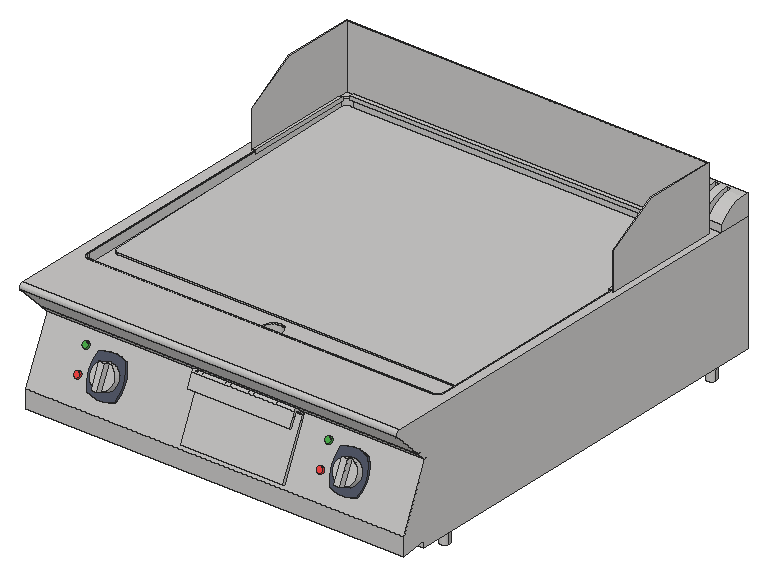
Revit family "QF_ELECTROLUXPROFESSIONAL_391073_E9FTEHCS00", category Specialty Equipment, Revit 2018
Family settings
  Round Connector Dimension = Use Diameter
  Part Type = Normal
  Work Plane-Based = No
  Always vertical = Yes
  Cut with Voids When Loaded = No
  Shared = No
  Room Calculation Point = No
Parameters
  Width = 800 mm  # constant formula
  Weight in Pounds = 105  # constant formula
  Watts = 15000 VA  # 15000 W
  Volts = 400 V  # constant formula
  URL Cutsheet = "www.electrolux.com"
  URL = "www.electrolux.com"
  Type Mark [instance] = ""
  Status [instance] = ""
  Specification by User [instance] = ""
  Specification by Manufacturer = ""
  Show Logo [instance] = yes
  Show Clearance [instance] = yes
  Serial Number = ""
  Seismic Rating = ""
  SMACNA No = ""
  Revision Code [instance] = ""
  Phase = 3
  Omniclass Number and Title = ""
  Number of Poles [instance] = 1
  NAFEM Spec ID Number = ""
  Model = "391073"
  Min Ckt Ampacity = 0 A
  Max Overcurrent Protection = 0 A
  Masterspec = ""
  Manufacturer = "ELECTROLUX"
  Item Number [instance] = ""
  Installed By [instance] = ""
  Identify Quantity as Lot [instance] = yes
  HP = "20.1 HP"
  Furnished By [instance] = ""
  Foodservice Equipment Identifier [instance] = yes
  FL Amps = if(Phase = 3, Watts / (Volts * 1.73), Watts / Volts)  # 21.6763 A
  Electrical Remarks [instance] = "400 V/3N ph/50/60 Hz"  # constant formula
  Electric Connection Type [instance] = ""
  Elec Conn RI Height [instance] = 0 mm
  Elec Conn Connection Height [instance] = 0 mm
  Direct Waste Size = 0"
  Description = "900XP FULL MODULE ELECTRIC FRY TOP, SMOOTH SLOPED PLATE, CHROMIUM PLATED - 400 V"
  Depth = 930 mm  # constant formula
  Cycle [instance] = if([60 Hertz Option], 60 Hz, 50 Hz)  # 60 Hz
  Conn Plug = ""
  Conn Conduit = yes
  CSI MasterFormat = ""
  CSI Master Format = ""
  Apparent Power = if(Phase = 3, Volts * FL Amps * 1.73, Volts * FL Amps)  # 15000 VA
  60 Hertz Option [instance] = not([50 Hertz Option])  # yes
  50 Hertz Option [instance] = no
Reference planes
  plane 1 "BACK": y = 0
  plane 2: z = 0
  plane 3 "LEFT": x = 0
  plane 4 "RIGHT": x = 800
  plane 5 "FRONT": y = -930
  plane 6 "TOP": z = 275
  plane 7 "Center Y": x = 400
  plane 8 "Center X": y = -465
  plane 9: y = -1045
  plane 10: z = 24
  plane 11: z = 290
  plane 12: z = 410
  plane 13: x = 11
  plane 14: x = 789
  plane 15: x = 740
Forms (mm)
  Extrusion 1, solid, material "QF_Finishes_Stainless Steel"
    sketch origin (0, 0, 0) x (0, 1, 0) y (0, 0, 1)
      loop
        line (0, 275) -> (-922.686, 275)
        arc (-922.686, 275) -> (-929.443, 270.485) -> (-927.858, 262.514) r 7.314
        line (-927.858, 262.514) -> (-873.907, 208.563) -> (-865.773, 208.563) -> (-865.773, 206.447) -> (-871.79, 206.447) -> (-858.907, 193.563) -> (-850.773, 193.563) -> (-850.773, 191.447) -> (-856.79, 191.447) -> (-913.146, 69.003) -> (-913.146, 30.903) -> (-859.774, 36.513) -> (-859.774, 24) -> (0, 24) -> (0, 275)
    from 0 to 800
  Extrusion 2, solid, material "QF_Finishes_Stainless Steel"
    sketch origin (0, 0, 0) x (1, 0, 0) y (0, 1, 0)
      loop
        circle (11, -82) r 9.525
      loop
        circle (11, -790) r 9.525
      loop
        circle (789, -82) r 9.525
      loop
        circle (789, -790) r 9.525
    from 0 to 24
  Extrusion 3, solid, material "QF_Finishes_Stainless Steel"
    sketch origin (635, 190.152, 275) x (0, -1, 0) y (1, 0, 0)
      loop
        line (273.542, 147.97) -> (273.542, -617.97) -> (275.13, -617.97) -> (275.13, 147.97) -> (273.542, 147.97)
    from 0 to 135
  Extrusion 4, void
    sketch origin (0, 0, 275) x (0, -1, 0) y (1, 0, 0)
      loop
        arc (92.539, 37.03) -> (96.932, 26.423) -> (107.539, 22.03) r 15
        line (107.539, 22.03) -> (777.539, 22.03)
        arc (777.539, 22.03) -> (788.145, 26.423) -> (792.539, 37.03) r 15
        line (792.539, 37.03) -> (792.539, 762.97)
        arc (792.539, 762.97) -> (788.145, 773.577) -> (777.539, 777.97) r 15
        line (777.539, 777.97) -> (107.539, 777.97)
        arc (107.539, 777.97) -> (96.932, 773.577) -> (92.539, 762.97) r 15
        line (92.539, 762.97) -> (92.539, 37.03)
    from 0 to -21.588
  Sweep 5, solid, material "QF_Finishes_Stainless Steel"
    path origin (0, 0, 0) x (1, 0, 0) y (0, 1, 0)
      loop
        line (22.03, -107.539) -> (22.03, -777.539)
        arc (22.03, -777.539) -> (26.423, -788.145) -> (37.03, -792.539) r 15
        line (37.03, -792.539) -> (762.97, -792.539)
        arc (762.97, -792.539) -> (773.577, -788.145) -> (777.97, -777.539) r 15
        line (777.97, -777.539) -> (777.97, -107.539)
        arc (777.97, -107.539) -> (773.577, -96.932) -> (762.97, -92.539) r 15
        line (762.97, -92.539) -> (37.03, -92.539)
        arc (37.03, -92.539) -> (26.423, -96.932) -> (22.03, -107.539) r 15
    profile origin (22.03, -442.539, 0) x (1, 0, 0) y (0, 0, 1)
      loop
        line (0, 255) -> (1.588, 255) -> (1.588, 272.855)
        arc (1.588, 272.855) -> (1.147, 274.189) -> (0, 275) r 2.242
        line (0, 275) -> (0, 255)
  Extrusion 6, solid, material "QF_Finishes_Stainless Steel"
    sketch origin (0, 0, 0) x (1, 0, 0) y (0, 0, 1)
      loop
        line (17.03, 275.856) -> (23.926, 275.856) -> (23.926, 270.856) -> (25.514, 270.856) -> (25.514, 277.444) -> (17.03, 277.444) -> (17.03, 275.856)
      loop
        line (782.97, 275.856) -> (782.97, 277.444) -> (774.486, 277.444) -> (774.486, 270.856) -> (776.074, 270.856) -> (776.074, 275.856) -> (782.97, 275.856)
    from 105.541 to 335.39
  Extrusion 7, solid, material "QF_Finishes_Stainless Steel"
    sketch origin (0, 0, 0) x (0, 1, 0) y (0, 0, 1)
      loop
        line (-94.126, 270.856) -> (-94.126, 275.856) -> (-84.978, 275.856) -> (-84.978, 277.444) -> (-95.714, 277.444) -> (-95.714, 270.856) -> (-94.126, 270.856)
    from 32.03 to 767.97
  Extrusion 8, solid, material "QF_Finishes_Stainless Steel"
    sketch origin (0, -101.6, 24) x (-1, 0, 0) y (0, 1, 0)
      loop
        circle (-740, -482.4) r 6.35
    from 0 to 5
  Extrusion 9, solid, material "QF_Clearances", visible <- "Show Clearance", detail levels coarse
    sketch origin (0, 0, 0) x (1, 0, 0) y (0, 1, 0)
      loop
        line (0, 0) -> (800, 0) -> (800, -930) -> (900, -930) -> (900, 100) -> (-100, 100) -> (-100, -930) -> (0, -930) -> (0, 0)
    from 0 to 410
  Extrusion 10, solid, material "QF_Finishes_Stainless Steel"
    sketch origin (0, 0, 0) x (0, 1, 0) y (0, 0, 1)
      loop
        line (-792.539, 255) -> (-792.539, 253.413) -> (-92.539, 253.413) -> (-92.539, 255) -> (-792.539, 255)
    from 22.03 to 777.97
  Extrusion 11, solid, material "QF_Finishes_Stainless Steel"
    sketch origin (445, 0, 0) x (0, 1, 0) y (0, 0, 1)
      loop
        line (-858.205, 188.372) -> (-874.612, 204.778)
        arc (-874.612, 204.778) -> (-879.079, 206.181) -> (-882.783, 203.316) r 5.058
        line (-882.783, 203.316) -> (-895.445, 175.806) -> (-892.561, 174.479) -> (-879.899, 201.989)
        arc (-879.899, 201.989) -> (-878.52, 203.055) -> (-876.857, 202.533) r 1.883
        line (-876.857, 202.533) -> (-862.014, 187.69) -> (-912.848, 77.245) -> (-909.964, 75.918) -> (-858.205, 188.372)
    from -117.029 to 100
  Extrusion 12, solid, material "QF_Door-Drawer Clearances", visible <- "Show Clearance", detail levels coarse
    sketch origin (445, 0, 0) x (0, 1, 0) y (0, 0, 1)
      loop
        line (-1024.713, 174.479) -> (-1012.051, 201.989)
        arc (-1012.051, 201.989) -> (-1010.672, 203.055) -> (-1009.009, 202.533) r 1.883
        line (-1009.009, 202.533) -> (-994.166, 187.69) -> (-1045, 77.245) -> (-1042.116, 75.918) -> (-909.964, 75.918) -> (-858.205, 188.372) -> (-874.612, 204.778)
        arc (-874.612, 204.778) -> (-875.847, 205.685) -> (-877.298, 206.181) r 5.058
        line (-877.298, 206.181) -> (-1011.231, 206.181)
        arc (-1011.231, 206.181) -> (-1013.435, 205.203) -> (-1014.935, 203.316) r 5.058
        line (-1014.935, 203.316) -> (-1027.597, 175.806) -> (-1024.713, 174.479)
    from -117.029 to 100
  Extrusion 13, void
    sketch origin (328.121, 0, 0) x (1, 0, 0) y (0, 1, 0)
      loop
        circle (71.879, -758.736) r 20
    from 235.859 to 256.719
  Extrusion 14, solid, material "QF_Finishes_Stainless Steel"
    sketch origin (0, 0, 0) x (0, 1, 0) y (0, 0, 1)
      loop
        line (-83.39, 410) -> (-235.39, 410) -> (-335.39, 352.265) -> (-335.39, 275) -> (-83.39, 275) -> (-83.39, 410)
    from 15.442 to 17.03
  Extrusion 15, solid, material "QF_Finishes_Navy Blue"
    sketch origin (302.956, -912.449, 70.59) x (0, 0.419232, 0.907879) y (-1, 0, 0)
      loop
        arc (102.26, -332.62) -> (66.843, -325.139) -> (31.333, -332.16) r 90.355
        arc (31.333, -332.16) -> (24.504, -361.269) -> (31.333, -390.378) r 65.456
        arc (31.333, -390.378) -> (66.877, -399.452) -> (102.26, -389.765) r 71.728
        arc (102.26, -389.765) -> (108.852, -361.193) -> (102.26, -332.62) r 65.22
    from 0 to 3.175
  Extrusion 16, solid, material "QF_Finishes_Stainless Steel"
    sketch origin (504.206, -916.163, 70.121) x (0, 0.419232, 0.907879) y (-1, 0, 0)
      loop
        circle (68.826, -160.963) r 25.4
    from 0 to 12.7
  Extrusion 17, solid, material "QF_Finishes_Stainless Steel"
    sketch origin (504.206, -927.693, 75.445) x (0, 0.419232, 0.907879) y (-1, 0, 0)
      loop
        arc (93.558, -166.749) -> (94.226, -160.963) -> (93.558, -155.177) r 25.4
        line (93.558, -155.177) -> (44.094, -155.177)
        arc (44.094, -155.177) -> (43.426, -160.963) -> (44.094, -166.749) r 25.4
        line (44.094, -166.749) -> (93.558, -166.749)
    from 0 to 12.7
  Extrusion 18, solid, material "QF_Finishes_Green"
    sketch origin (316.698, -908.494, 79.155) x (0, 0.419232, 0.907879) y (-1, 0, 0)
      loop
        circle (94.749, -290.848) r 6.35
    from 0 to 3.175
  Extrusion 19, solid, material "QF_Finishes_Red"
    sketch origin (316.698, -930.457, 31.593) x (0, 0.419232, 0.907879) y (-1, 0, 0)
      loop
        circle (95.112, -290.848) r 6.35
    from 0 to 3.175
  Extrusion 20, solid, material "QF_Finishes_Stainless Steel"
    sketch origin (800, 0, 0) x (0, 1, 0) y (0, 0, -1)
      loop
        line (-83.39, -410) -> (-83.39, -275) -> (-335.39, -275) -> (-335.39, -352.265) -> (-235.39, -410) -> (-83.39, -410)
    from 15.442 to 17.03
  Extrusion 21, solid, material "QF_Finishes_Navy Blue"
    sketch origin (-212.044, -912.449, 70.59) x (0, 0.419232, 0.907879) y (-1, 0, 0)
      loop
        arc (102.26, -332.62) -> (66.843, -325.139) -> (31.333, -332.16) r 90.355
        arc (31.333, -332.16) -> (24.504, -361.269) -> (31.333, -390.378) r 65.456
        arc (31.333, -390.378) -> (66.877, -399.452) -> (102.26, -389.765) r 71.728
        arc (102.26, -389.765) -> (108.852, -361.193) -> (102.26, -332.62) r 65.22
    from 0 to 3.175
  Extrusion 22, solid, material "QF_Finishes_Stainless Steel"
    sketch origin (-10.794, -916.163, 70.121) x (0, 0.419232, 0.907879) y (-1, 0, 0)
      loop
        circle (68.826, -160.963) r 25.4
    from 0 to 12.7
  Extrusion 23, solid, material "QF_Finishes_Stainless Steel"
    sketch origin (-10.794, -927.693, 75.445) x (0, 0.419232, 0.907879) y (-1, 0, 0)
      loop
        arc (93.558, -166.749) -> (94.226, -160.963) -> (93.558, -155.177) r 25.4
        line (93.558, -155.177) -> (44.094, -155.177)
        arc (44.094, -155.177) -> (43.426, -160.963) -> (44.094, -166.749) r 25.4
        line (44.094, -166.749) -> (93.558, -166.749)
    from 0 to 12.7
  Extrusion 24, solid, material "QF_Finishes_Green"
    sketch origin (-198.302, -908.494, 79.155) x (0, 0.419232, 0.907879) y (-1, 0, 0)
      loop
        circle (94.749, -290.848) r 6.35
    from 0 to 3.175
  Extrusion 25, solid, material "QF_Finishes_Red"
    sketch origin (-198.302, -930.457, 31.593) x (0, 0.419232, 0.907879) y (-1, 0, 0)
      loop
        circle (95.112, -290.848) r 6.35
    from 0 to 3.175
  Extrusion 26, solid, material "QF_Finishes_Stainless Steel"
    sketch origin (0, 0, -10.038) x (0, 1, 0) y (0, 0, 1)
      loop
        line (0, 285.038) -> (0, 331.738)
        arc (0, 331.738) -> (-38.857, 324.552) -> (-69.85, 300.038) r 82.056
        line (-69.85, 300.038) -> (-69.85, 285.038) -> (0, 285.038)
    from 0 to 400
  Extrusion 27, void
    sketch origin (0, 0, 264.6) x (0, -1, 0) y (1, 0, 0)
      loop
        line (6.761, 29.703) -> (63.911, 29.703) -> (63.911, 38.999) -> (6.761, 38.999) -> (6.761, 29.703)
      loop
        line (63.911, 64.487) -> (6.761, 64.487) -> (6.761, 55.191) -> (63.911, 55.191) -> (63.911, 64.487)
      loop
        line (63.911, 89.975) -> (6.761, 89.975) -> (6.761, 80.68) -> (63.911, 80.68) -> (63.911, 89.975)
      loop
        line (63.911, 115.464) -> (6.761, 115.464) -> (6.761, 106.168) -> (63.911, 106.168) -> (63.911, 115.464)
      loop
        line (63.911, 140.952) -> (6.761, 140.952) -> (6.761, 131.656) -> (63.911, 131.656) -> (63.911, 140.952)
      loop
        line (63.911, 166.44) -> (6.761, 166.44) -> (6.761, 157.145) -> (63.911, 157.145) -> (63.911, 166.44)
      loop
        line (63.911, 191.929) -> (6.761, 191.929) -> (6.761, 182.633) -> (63.911, 182.633) -> (63.911, 191.929)
      loop
        line (63.911, 217.417) -> (6.761, 217.417) -> (6.761, 208.121) -> (63.911, 208.121) -> (63.911, 217.417)
      loop
        line (63.911, 242.905) -> (6.761, 242.905) -> (6.761, 233.61) -> (63.911, 233.61) -> (63.911, 242.905)
      loop
        line (63.911, 268.394) -> (6.761, 268.394) -> (6.761, 259.098) -> (63.911, 259.098) -> (63.911, 268.394)
      loop
        line (63.911, 293.882) -> (6.761, 293.882) -> (6.761, 284.586) -> (63.911, 284.586) -> (63.911, 293.882)
      loop
        line (63.911, 319.37) -> (6.761, 319.37) -> (6.761, 310.075) -> (63.911, 310.075) -> (63.911, 319.37)
      loop
        line (63.911, 344.859) -> (6.761, 344.859) -> (6.761, 335.563) -> (63.911, 335.563) -> (63.911, 344.859)
      loop
        line (63.911, 370.347) -> (6.761, 370.347) -> (6.761, 361.051) -> (63.911, 361.051) -> (63.911, 370.347)
    from 25.4 to 63.5
  Extrusion 28, solid, material "QF_Finishes_Stainless Steel"
    sketch origin (800, 0, -10.038) x (0, 1, 0) y (0, 0, -1)
      loop
        line (0, -285.038) -> (-69.85, -285.038) -> (-69.85, -300.038)
        arc (-69.85, -300.038) -> (-38.857, -324.552) -> (0, -331.738) r 82.056
        line (0, -331.738) -> (0, -285.038)
    from 0 to 400
  Extrusion 29, void
    sketch origin (800, 0, 264.6) x (0, -1, 0) y (1, 0, 0)
      loop
        line (6.761, -29.703) -> (6.761, -38.999) -> (63.911, -38.999) -> (63.911, -29.703) -> (6.761, -29.703)
      loop
        line (63.911, -64.487) -> (63.911, -55.191) -> (6.761, -55.191) -> (6.761, -64.487) -> (63.911, -64.487)
      loop
        line (63.911, -89.975) -> (63.911, -80.68) -> (6.761, -80.68) -> (6.761, -89.975) -> (63.911, -89.975)
      loop
        line (63.911, -115.464) -> (63.911, -106.168) -> (6.761, -106.168) -> (6.761, -115.464) -> (63.911, -115.464)
      loop
        line (63.911, -140.952) -> (63.911, -131.656) -> (6.761, -131.656) -> (6.761, -140.952) -> (63.911, -140.952)
      loop
        line (63.911, -166.44) -> (63.911, -157.145) -> (6.761, -157.145) -> (6.761, -166.44) -> (63.911, -166.44)
      loop
        line (63.911, -191.929) -> (63.911, -182.633) -> (6.761, -182.633) -> (6.761, -191.929) -> (63.911, -191.929)
      loop
        line (63.911, -217.417) -> (63.911, -208.121) -> (6.761, -208.121) -> (6.761, -217.417) -> (63.911, -217.417)
      loop
        line (63.911, -242.905) -> (63.911, -233.61) -> (6.761, -233.61) -> (6.761, -242.905) -> (63.911, -242.905)
      loop
        line (63.911, -268.394) -> (63.911, -259.098) -> (6.761, -259.098) -> (6.761, -268.394) -> (63.911, -268.394)
      loop
        line (63.911, -293.882) -> (63.911, -284.586) -> (6.761, -284.586) -> (6.761, -293.882) -> (63.911, -293.882)
      loop
        line (63.911, -319.37) -> (63.911, -310.075) -> (6.761, -310.075) -> (6.761, -319.37) -> (63.911, -319.37)
      loop
        line (63.911, -344.859) -> (63.911, -335.563) -> (6.761, -335.563) -> (6.761, -344.859) -> (63.911, -344.859)
      loop
        line (63.911, -370.347) -> (63.911, -361.051) -> (6.761, -361.051) -> (6.761, -370.347) -> (63.911, -370.347)
    from 25.4 to 63.5
  Extrusion 30, solid, material "QF_Finishes_Stainless Steel"
    sketch origin (0, 0, 0) x (0, 1, 0) y (0, 0, 1)
      loop
        line (-722.539, 256.999) -> (-722.539, 255) -> (-105.406, 255) -> (-105.406, 265.217) -> (-722.539, 256.999)
    from 32.03 to 767.97
  Extrusion 31, void
    sketch origin (0, 0, 0) x (1, 0, 0) y (0, 1, 0)
      loop
        arc (42.03, -722.539) -> (34.958, -719.61) -> (32.03, -712.539) r 10
        line (32.03, -712.539) -> (32.03, -722.539) -> (42.03, -722.539)
      loop
        line (757.97, -722.539) -> (767.97, -722.539) -> (767.97, -712.539)
        arc (767.97, -712.539) -> (765.042, -719.61) -> (757.97, -722.539) r 10
      loop
        line (42.03, -105.406) -> (32.03, -105.406) -> (32.03, -115.406)
        arc (32.03, -115.406) -> (34.958, -108.335) -> (42.03, -105.406) r 10
      loop
        arc (757.97, -105.406) -> (765.042, -108.335) -> (767.97, -115.406) r 10
        line (767.97, -115.406) -> (767.97, -105.406) -> (757.97, -105.406)
    from 255 to 270.856
Cuts and joins
  Extrusion 4, Extrusion 13 cuts Extrusion 1
  Extrusion 13 cuts Extrusion 10
  joined: Extrusion 3, Extrusion 14, Extrusion 20
  Extrusion 27, Extrusion 29 cuts Extrusion 26
  Extrusion 29 cuts Extrusion 28
  Extrusion 31 cuts Extrusion 30
Lines and regions (mm)
  symbolic lines, style "QF_Clearances", visible <- "Show Clearance", detail levels coarse
    curve 1: line (900, -930, 0) -> (900, 100, 0)
    curve 2: line (900, 100, 0) -> (-100, 100, 0)
    curve 3: line (-100, 100, 0) -> (-100, -930, 0)
  symbolic lines, style "QF_Door-Drawer Clearances"
    curve 4: line (327.971, -930, 0) -> (327.971, -1045, 0)
    curve 5: line (327.971, -1045, 0) -> (545, -1045, 0)
    curve 6: line (545, -930, 0) -> (545, -1045, 0)
  symbolic lines
    curve 7: line (0, -930, 0) -> (800, -930, 0)
    curve 8: line (800, -930, 0) -> (800, 0, 0)
    curve 9: line (800, 0, 0) -> (0, 0, 0)
    curve 10: line (0, 0, 0) -> (0, -930, 0)
    curve 11: line (762.97, -792.539, 0) -> (37.03, -792.539, 0)
    curve 12: arc (37.03, -792.539, 0) -> (26.423, -788.145, 0) -> (22.03, -777.539, 0) r 15
    curve 13: line (22.03, -777.539, 0) -> (22.03, -335.39, 0)
    curve 14: arc (22.163, -105.541, 0) -> (25.387, -98.081, 0) -> (32.03, -93.397, 0) r 15
    curve 15: arc (767.97, -93.397, 0) -> (774.613, -98.081, 0) -> (777.837, -105.541, 0) r 15
    curve 16: line (777.97, -335.39, 0) -> (777.97, -777.539, 0)
    curve 17: arc (777.97, -777.539, 0) -> (773.577, -788.145, 0) -> (762.97, -792.539, 0) r 15
    curve 18: line (757.97, -722.539, 0) -> (42.03, -722.539, 0)
    curve 19: arc (42.03, -722.539, 0) -> (34.958, -719.61, 0) -> (32.03, -712.539, 0) r 10
    curve 20: line (32.03, -712.539, 0) -> (32.03, -115.406, 0)
    curve 21: arc (32.03, -115.406, 0) -> (34.958, -108.335, 0) -> (42.03, -105.406, 0) r 10
    curve 22: line (42.03, -105.406, 0) -> (757.97, -105.406, 0)
    curve 23: arc (757.97, -105.406, 0) -> (765.042, -108.335, 0) -> (767.97, -115.406, 0) r 10
    curve 24: line (767.97, -115.406, 0) -> (767.97, -712.539, 0)
    curve 25: arc (767.97, -712.539, 0) -> (765.042, -719.61, 0) -> (757.97, -722.539, 0) r 10
    curve 26: line (15.442, -83.39, 0) -> (15.442, -335.39, 0)
    curve 27: line (784.558, -83.39, 0) -> (15.442, -83.39, 0)
    curve 28: line (784.558, -335.39, 0) -> (784.558, -83.39, 0)
    curve 29: line (767.97, -95.714, 0) -> (767.97, -83.39, 0)
    curve 30: line (32.03, -95.714, 0) -> (767.97, -95.714, 0)
    curve 31: line (32.03, -83.39, 0) -> (32.03, -95.714, 0)
    curve 32: line (784.558, -105.541, 0) -> (774.486, -105.541, 0)
    curve 33: line (25.514, -335.39, 0) -> (25.514, -105.541, 0)
    curve 34: line (15.442, -335.39, 0) -> (25.514, -335.39, 0)
    curve 35: line (774.486, -105.541, 0) -> (774.486, -335.39, 0)
    curve 36: line (774.486, -335.39, 0) -> (784.558, -335.39, 0)
    curve 37: line (25.514, -105.541, 0) -> (15.442, -105.541, 0)
    curve 38: line (38.999, -6.761, 0) -> (38.999, -63.911, 0)
    curve 39: line (38.999, -63.911, 0) -> (29.703, -63.911, 0)
    curve 40: line (29.703, -63.911, 0) -> (29.703, -6.761, 0)
    curve 41: line (29.703, -6.761, 0) -> (38.999, -6.761, 0)
    curve 42: line (55.191, -63.911, 0) -> (55.191, -6.761, 0)
    curve 43: line (55.191, -6.761, 0) -> (64.487, -6.761, 0)
    curve 44: line (64.487, -6.761, 0) -> (64.487, -63.911, 0)
    curve 45: line (64.487, -63.911, 0) -> (55.191, -63.911, 0)
    curve 46: line (89.975, -6.761, 0) -> (89.975, -63.911, 0)
    curve 47: line (89.975, -63.911, 0) -> (80.68, -63.911, 0)
    curve 48: line (80.68, -63.911, 0) -> (80.68, -6.761, 0)
    curve 49: line (80.68, -6.761, 0) -> (89.975, -6.761, 0)
    curve 50: line (115.464, -6.761, 0) -> (115.464, -63.911, 0)
    curve 51: line (115.464, -63.911, 0) -> (106.168, -63.911, 0)
    curve 52: line (106.168, -63.911, 0) -> (106.168, -6.761, 0)
    curve 53: line (106.168, -6.761, 0) -> (115.464, -6.761, 0)
    curve 54: line (140.952, -6.761, 0) -> (140.952, -63.911, 0)
    curve 55: line (140.952, -63.911, 0) -> (131.656, -63.911, 0)
    curve 56: line (131.656, -63.911, 0) -> (131.656, -6.761, 0)
    curve 57: line (131.656, -6.761, 0) -> (140.952, -6.761, 0)
    curve 58: line (166.44, -6.761, 0) -> (166.44, -63.911, 0)
    curve 59: line (166.44, -63.911, 0) -> (157.145, -63.911, 0)
    curve 60: line (157.145, -63.911, 0) -> (157.145, -6.761, 0)
    curve 61: line (157.145, -6.761, 0) -> (166.44, -6.761, 0)
    curve 62: line (191.929, -6.761, 0) -> (191.929, -63.911, 0)
    curve 63: line (191.929, -63.911, 0) -> (182.633, -63.911, 0)
    curve 64: line (182.633, -63.911, 0) -> (182.633, -6.761, 0)
    curve 65: line (182.633, -6.761, 0) -> (191.929, -6.761, 0)
    curve 66: line (208.121, -63.911, 0) -> (208.121, -6.761, 0)
    curve 67: line (208.121, -6.761, 0) -> (217.417, -6.761, 0)
    curve 68: line (217.417, -6.761, 0) -> (217.417, -63.911, 0)
    curve 69: line (217.417, -63.911, 0) -> (208.121, -63.911, 0)
    curve 70: line (767.97, -83.39, 0) -> (767.97, -95.714, 0)
    curve 71: line (361.001, -6.761, 0) -> (361.001, -63.911, 0)
    curve 72: line (361.001, -63.911, 0) -> (370.297, -63.911, 0)
    curve 73: line (370.297, -63.911, 0) -> (370.297, -6.761, 0)
    curve 74: line (370.297, -6.761, 0) -> (361.001, -6.761, 0)
    curve 75: line (344.809, -63.911, 0) -> (344.809, -6.761, 0)
    curve 76: line (344.809, -6.761, 0) -> (335.513, -6.761, 0)
    curve 77: line (335.513, -6.761, 0) -> (335.513, -63.911, 0)
    curve 78: line (335.513, -63.911, 0) -> (344.809, -63.911, 0)
    curve 79: line (310.025, -6.761, 0) -> (310.025, -63.911, 0)
    curve 80: line (310.025, -63.911, 0) -> (319.32, -63.911, 0)
    curve 81: line (319.32, -63.911, 0) -> (319.32, -6.761, 0)
    curve 82: line (319.32, -6.761, 0) -> (310.025, -6.761, 0)
    curve 83: line (284.536, -6.761, 0) -> (284.536, -63.911, 0)
    curve 84: line (284.536, -63.911, 0) -> (293.832, -63.911, 0)
    curve 85: line (293.832, -63.911, 0) -> (293.832, -6.761, 0)
    curve 86: line (293.832, -6.761, 0) -> (284.536, -6.761, 0)
    curve 87: line (259.048, -6.761, 0) -> (259.048, -63.911, 0)
    curve 88: line (259.048, -63.911, 0) -> (268.344, -63.911, 0)
    curve 89: line (268.344, -63.911, 0) -> (268.344, -6.761, 0)
    curve 90: line (268.344, -6.761, 0) -> (259.048, -6.761, 0)
    curve 91: line (233.56, -6.761, 0) -> (233.56, -63.911, 0)
    curve 92: line (233.56, -63.911, 0) -> (242.855, -63.911, 0)
    curve 93: line (242.855, -63.911, 0) -> (242.855, -6.761, 0)
    curve 94: line (242.855, -6.761, 0) -> (233.56, -6.761, 0)
    curve 95: arc (380, -758.736, 0) -> (400, -738.736, 0) -> (420, -758.736, 0) r 20
    curve 96: arc (380, -758.736, 0) -> (400, -778.736, 0) -> (420, -758.736, 0) r 20
    curve 97: arc (777.837, -105.541, 0) -> (774.613, -98.081, 0) -> (767.97, -93.397, 0) r 15
    curve 98: arc (767.97, -115.406, 0) -> (765.042, -108.335, 0) -> (757.97, -105.406, 0) r 10
    curve 99: line (767.97, -83.39, 0) -> (767.97, -95.714, 0)
    curve 100: line (761.001, -6.761, 0) -> (761.001, -63.911, 0)
    curve 101: line (761.001, -63.911, 0) -> (770.297, -63.911, 0)
    curve 102: line (770.297, -63.911, 0) -> (770.297, -6.761, 0)
    curve 103: line (770.297, -6.761, 0) -> (761.001, -6.761, 0)
    curve 104: line (744.809, -63.911, 0) -> (744.809, -6.761, 0)
    curve 105: line (744.809, -6.761, 0) -> (735.513, -6.761, 0)
    curve 106: line (735.513, -6.761, 0) -> (735.513, -63.911, 0)
    curve 107: line (735.513, -63.911, 0) -> (744.809, -63.911, 0)
    curve 108: line (710.025, -6.761, 0) -> (710.025, -63.911, 0)
    curve 109: line (710.025, -63.911, 0) -> (719.32, -63.911, 0)
    curve 110: line (719.32, -63.911, 0) -> (719.32, -6.761, 0)
    curve 111: line (719.32, -6.761, 0) -> (710.025, -6.761, 0)
    curve 112: line (684.536, -6.761, 0) -> (684.536, -63.911, 0)
    curve 113: line (684.536, -63.911, 0) -> (693.832, -63.911, 0)
    curve 114: line (693.832, -63.911, 0) -> (693.832, -6.761, 0)
    curve 115: line (693.832, -6.761, 0) -> (684.536, -6.761, 0)
    curve 116: line (659.048, -6.761, 0) -> (659.048, -63.911, 0)
    curve 117: line (659.048, -63.911, 0) -> (668.344, -63.911, 0)
    curve 118: line (668.344, -63.911, 0) -> (668.344, -6.761, 0)
    curve 119: line (668.344, -6.761, 0) -> (659.048, -6.761, 0)
    curve 120: line (633.56, -6.761, 0) -> (633.56, -63.911, 0)
    curve 121: line (633.56, -63.911, 0) -> (642.855, -63.911, 0)
    curve 122: line (642.855, -63.911, 0) -> (642.855, -6.761, 0)
    curve 123: line (642.855, -6.761, 0) -> (633.56, -6.761, 0)
    curve 124: line (608.071, -6.761, 0) -> (608.071, -63.911, 0)
    curve 125: line (608.071, -63.911, 0) -> (617.367, -63.911, 0)
    curve 126: line (617.367, -63.911, 0) -> (617.367, -6.761, 0)
    curve 127: line (617.367, -6.761, 0) -> (608.071, -6.761, 0)
    curve 128: line (591.879, -63.911, 0) -> (591.879, -6.761, 0)
    curve 129: line (591.879, -6.761, 0) -> (582.583, -6.761, 0)
    curve 130: line (582.583, -6.761, 0) -> (582.583, -63.911, 0)
    curve 131: line (582.583, -63.911, 0) -> (591.879, -63.911, 0)
    curve 132: line (438.999, -6.761, 0) -> (438.999, -63.911, 0)
    curve 133: line (438.999, -63.911, 0) -> (429.703, -63.911, 0)
    curve 134: line (429.703, -63.911, 0) -> (429.703, -6.761, 0)
    curve 135: line (429.703, -6.761, 0) -> (438.999, -6.761, 0)
    curve 136: line (455.191, -63.911, 0) -> (455.191, -6.761, 0)
    curve 137: line (455.191, -6.761, 0) -> (464.487, -6.761, 0)
    curve 138: line (464.487, -6.761, 0) -> (464.487, -63.911, 0)
    curve 139: line (464.487, -63.911, 0) -> (455.191, -63.911, 0)
    curve 140: line (489.975, -6.761, 0) -> (489.975, -63.911, 0)
    curve 141: line (489.975, -63.911, 0) -> (480.68, -63.911, 0)
    curve 142: line (480.68, -63.911, 0) -> (480.68, -6.761, 0)
    curve 143: line (480.68, -6.761, 0) -> (489.975, -6.761, 0)
    curve 144: line (515.464, -6.761, 0) -> (515.464, -63.911, 0)
    curve 145: line (515.464, -63.911, 0) -> (506.168, -63.911, 0)
    curve 146: line (506.168, -63.911, 0) -> (506.168, -6.761, 0)
    curve 147: line (506.168, -6.761, 0) -> (515.464, -6.761, 0)
    curve 148: line (540.952, -6.761, 0) -> (540.952, -63.911, 0)
    curve 149: line (540.952, -63.911, 0) -> (531.656, -63.911, 0)
    curve 150: line (531.656, -63.911, 0) -> (531.656, -6.761, 0)
    curve 151: line (531.656, -6.761, 0) -> (540.952, -6.761, 0)
    curve 152: line (566.44, -6.761, 0) -> (566.44, -63.911, 0)
    curve 153: line (566.44, -63.911, 0) -> (557.145, -63.911, 0)
    curve 154: line (557.145, -63.911, 0) -> (557.145, -6.761, 0)
    curve 155: line (557.145, -6.761, 0) -> (566.44, -6.761, 0)
    curve 156: line (0, -69.85, 0) -> (800, -69.85, 0)
    curve 157: line (400, -69.85, 0) -> (400, 0, 0)
Dimensions and locks
  equal spacing: plane 3 "LEFT", plane 7 "Center Y", plane 4 "RIGHT"
  "Width": plane 3 "LEFT" to plane 4 "RIGHT"
  equal spacing: plane 5 "FRONT", plane 8 "Center X", plane 1 "BACK"
  "Depth": plane 5 "FRONT" to plane 1 "BACK"
  plane 6 "TOP" to level = 275 mm
  plane 1 "BACK" to plane 9 = 1045 mm  (x2)
  plane 10 to level = 24 mm  (x2)
  plane 11 to plane 10 = 266 mm
  plane 6 "TOP" to plane 10 = 251 mm
  plane 12 to level = 410 mm  (x2)
  plane 12 to plane 10 = 386 mm  (x2)
  plane 13 to plane 3 "LEFT" = 11 mm
  locked: plane 14 to plane 4 "RIGHT" at 11
  plane 1 "BACK" to plane 5 "FRONT" = 930 mm
  Extrusion 8 to plane 10 = 5 mm
  plane 1 "BACK" to Extrusion 8 = 584 mm
  plane 1 "BACK" to Extrusion 2 to Extrusion 2 to plane 5 "FRONT" = 82 mm, 708 mm, 140 mm
  plane 13 to plane 14 = 778 mm
  Extrusion 8 sketch curve to plane 4 "RIGHT" = 60 mm
  Extrusion 8 sketch curve to plane 1 "BACK" = 584 mm
  plane 4 "RIGHT" to curve 1 = 100 mm
  curve 3 to plane 3 "LEFT" = 100 mm
  curve 2 to plane 1 "BACK" = 100 mm
  plane 15 to plane 4 "RIGHT" = 60 mm
  aligned and locked: level to plane 2
  aligned and locked: Extrusion 1 to plane 4 "RIGHT"
Automatic sketch dimensions
  Extrusion 1 sketch curve to plane 6 "TOP" = 0 mm
  Extrusion 1 sketch curve to plane 10 = 0 mm
  Extrusion 1 sketch curve to plane 1 "BACK" = 0 mm
  Extrusion 1 sketch curve to plane 5 "FRONT" = 79.227 mm
  Extrusion 1 sketch curve to Extrusion 1 sketch curve = 6.017 mm  (x2)
  Extrusion 1 sketch curve to Extrusion 1 sketch curve = 2.117 mm  (x4)
  plane 10 to Extrusion 1 sketch curve = 12.513 mm
  Extrusion 1 sketch curve to plane 5 "FRONT" = 70.226 mm
  Extrusion 1 sketch curve to Extrusion 1 sketch curve = 6.866 mm
  Extrusion 1 sketch curve to plane 5 "FRONT" = 16.854 mm
  Extrusion 1 sketch curve to plane 5 "FRONT" = 7.314 mm
  Extrusion 1 sketch curve to plane 5 "FRONT" = 2.142 mm
  plane 10 to Extrusion 1 sketch curve = 6.903 mm
  Extrusion 1 sketch curve to Extrusion 1 sketch curve = 38.1 mm
  Extrusion 1 sketch curve to plane 6 "TOP" = 83.553 mm
  Extrusion 1 sketch curve to Extrusion 1 sketch curve = 12.883 mm
  Extrusion 1 sketch curve to plane 6 "TOP" = 12.486 mm
  Extrusion 2 sketch curve to plane 13 = 0 mm  (x2)
  Extrusion 2 sketch curve to plane 14 = 0 mm  (x2)
  Extrusion 2 sketch curve to plane 5 "FRONT" = 140 mm  (x2)
  plane 1 "BACK" to Extrusion 2 sketch curve = 82 mm  (x2)
  plane 13 to Sweep 5 sketch curve = 11.03 mm
  Sweep 5 sketch curve to Sweep 5 sketch curve = 15 mm  (x2)
  plane 14 to Sweep 5 sketch curve = 26.03 mm  (x2)
  plane 14 to Sweep 5 sketch curve = 11.03 mm
  Sweep 5 sketch curve to plane 5 "FRONT" = 137.461 mm
  plane 1 "BACK" to Sweep 5 sketch curve = 107.539 mm
  profile plane to Sweep 5 sketch curve = 0 mm
  profile plane to Sweep 5 sketch curve = 0.655 mm
  Sweep 5 sketch curve to profile plane = 1.588 mm
  level to Sweep 5 sketch curve = 255 mm
  Sweep 5 sketch curve to Sweep 5 sketch curve = 17.855 mm
  plane 6 "TOP" to Extrusion 6 sketch curve = 0.856 mm  (x2)
  plane 13 to Extrusion 6 sketch curve = 6.03 mm
  Extrusion 6 sketch curve to plane 6 "TOP" = 4.144 mm  (x2)
  Extrusion 6 sketch curve to Extrusion 6 sketch curve = 6.896 mm
  Extrusion 6 sketch curve to Extrusion 6 sketch curve = 1.588 mm  (x3)
  plane 14 to Extrusion 6 sketch curve = 14.514 mm
  plane 6 "TOP" to Extrusion 6 sketch curve = 2.444 mm
  plane 14 to Extrusion 6 sketch curve = 6.03 mm
  plane 6 "TOP" to Extrusion 7 sketch curve = 2.444 mm
  plane 1 "BACK" to Extrusion 7 sketch curve = 95.714 mm
  Extrusion 7 sketch curve to Extrusion 7 sketch curve = 1.588 mm
  Extrusion 7 sketch curve to Extrusion 7 sketch curve = 9.149 mm
  plane 6 "TOP" to Extrusion 7 sketch curve = 0.856 mm
  Extrusion 7 sketch curve to plane 6 "TOP" = 4.144 mm
  Extrusion 10 sketch curve to plane 6 "TOP" = 21.587 mm
  Extrusion 10 sketch curve to plane 5 "FRONT" = 137.461 mm
  plane 1 "BACK" to Extrusion 10 sketch curve = 92.539 mm
  Extrusion 10 sketch curve to Extrusion 10 sketch curve = 1.588 mm
  Extrusion 11 sketch curve to Extrusion 11 sketch curve = 0 mm  (x2)
  Extrusion 11 sketch curve to plane 5 "FRONT" = 17.152 mm
  Extrusion 11 sketch curve to Extrusion 11 sketch curve = 2.884 mm  (x3)
  Extrusion 11 sketch curve to plane 5 "FRONT" = 34.555 mm
  Extrusion 11 sketch curve to Extrusion 11 sketch curve = 12.662 mm
  Extrusion 11 sketch curve to Extrusion 11 sketch curve = 1.711 mm
  Extrusion 11 sketch curve to Extrusion 11 sketch curve = 1.332 mm
  Extrusion 11 sketch curve to Extrusion 11 sketch curve = 2.245 mm
  Extrusion 11 sketch curve to Extrusion 11 sketch curve = 14.843 mm
  Extrusion 11 sketch curve to Extrusion 11 sketch curve = 3.809 mm
  plane 10 to Extrusion 11 sketch curve = 51.918 mm
  Extrusion 11 sketch curve to Extrusion 11 sketch curve = 1.327 mm  (x2)
  Extrusion 11 sketch curve to Extrusion 11 sketch curve = 13.211 mm
  Extrusion 11 sketch curve to Extrusion 11 sketch curve = 0.787 mm
  Extrusion 12 sketch curve to Extrusion 12 sketch curve = 0 mm  (x2)
  Extrusion 12 sketch curve to plane 9 = 0 mm
  plane 9 to Extrusion 12 sketch curve = 2.884 mm
  plane 9 to Extrusion 12 sketch curve = 17.403 mm
  Extrusion 12 sketch curve to Extrusion 12 sketch curve = 2.884 mm  (x2)
  plane 9 to Extrusion 12 sketch curve = 30.065 mm
  Extrusion 12 sketch curve to Extrusion 12 sketch curve = 0.82 mm
  Extrusion 12 sketch curve to Extrusion 12 sketch curve = 1.711 mm
  Extrusion 12 sketch curve to Extrusion 12 sketch curve = 1.332 mm
  Extrusion 12 sketch curve to Extrusion 12 sketch curve = 14.843 mm
  Extrusion 12 sketch curve to plane 5 "FRONT" = 20.036 mm
  Extrusion 12 sketch curve to plane 5 "FRONT" = 51.812 mm
  Extrusion 12 sketch curve to Extrusion 12 sketch curve = 0.891 mm
  Extrusion 12 sketch curve to Extrusion 12 sketch curve = 2.686 mm
  Extrusion 12 sketch curve to Extrusion 12 sketch curve = 16.406 mm
  plane 10 to Extrusion 12 sketch curve = 51.918 mm
  Extrusion 12 sketch curve to Extrusion 12 sketch curve = 1.327 mm  (x2)
  Extrusion 12 sketch curve to Extrusion 12 sketch curve = 13.211 mm
  Extrusion 12 sketch curve to plane 6 "TOP" = 86.628 mm
  Extrusion 12 sketch curve to Extrusion 12 sketch curve = 0.787 mm
  Extrusion 12 sketch curve to Extrusion 12 sketch curve = 4.979 mm
  Extrusion 13 sketch curve to plane 7 "Center Y" = 0 mm
  Extrusion 13 sketch curve to plane 5 "FRONT" = 171.264 mm
  Extrusion 14 sketch curve to plane 6 "TOP" = 0 mm
  Extrusion 14 sketch curve to plane 12 = 0 mm
  Extrusion 14 sketch curve to plane 12 = 57.735 mm
  plane 8 "Center X" to Extrusion 14 sketch curve = 129.61 mm
  Extrusion 14 sketch curve to Extrusion 14 sketch curve = 100 mm
  plane 1 "BACK" to Extrusion 14 sketch curve = 83.39 mm
  plane 14 to Extrusion 15 sketch curve = 153.884 mm
  Extrusion 15 sketch curve to Extrusion 15 sketch curve = 0 mm
  Extrusion 15 sketch curve to Extrusion 15 sketch curve = 12.3 mm  (x3)
  Extrusion 15 sketch curve to Extrusion 15 sketch curve = 34.925 mm  (x2)
  Extrusion 15 sketch curve to Extrusion 15 sketch curve = 23.703 mm
  Extrusion 15 sketch curve to Extrusion 15 sketch curve = 0.46 mm
  Extrusion 15 sketch curve to Extrusion 15 sketch curve = 29.032 mm
  Extrusion 15 sketch curve to Extrusion 15 sketch curve = 28.496 mm
  Extrusion 17 sketch curve to Extrusion 17 sketch curve = 24.732 mm
  Extrusion 17 sketch curve to Extrusion 17 sketch curve = 0 mm
  plane 14 to Extrusion 18 sketch curve = 181.454 mm
  plane 14 to Extrusion 19 sketch curve = 181.454 mm
  Extrusion 20 sketch curve to plane 6 "TOP" = 0 mm
  Extrusion 20 sketch curve to plane 12 = 0 mm
  Extrusion 20 sketch curve to plane 12 = 57.735 mm
  plane 8 "Center X" to Extrusion 20 sketch curve = 129.61 mm
  Extrusion 20 sketch curve to Extrusion 20 sketch curve = 100 mm
  plane 1 "BACK" to Extrusion 20 sketch curve = 83.39 mm
  plane 13 to Extrusion 21 sketch curve = 109.116 mm
  Extrusion 21 sketch curve to Extrusion 21 sketch curve = 0 mm
  Extrusion 21 sketch curve to Extrusion 21 sketch curve = 12.3 mm  (x3)
  Extrusion 21 sketch curve to Extrusion 21 sketch curve = 34.925 mm  (x2)
  Extrusion 21 sketch curve to Extrusion 21 sketch curve = 23.703 mm
  Extrusion 21 sketch curve to Extrusion 21 sketch curve = 0.46 mm
  Extrusion 21 sketch curve to Extrusion 21 sketch curve = 29.032 mm
  Extrusion 21 sketch curve to Extrusion 21 sketch curve = 28.496 mm
  Extrusion 23 sketch curve to Extrusion 23 sketch curve = 24.732 mm
  Extrusion 23 sketch curve to Extrusion 23 sketch curve = 0 mm
  plane 13 to Extrusion 24 sketch curve = 81.546 mm
  plane 13 to Extrusion 25 sketch curve = 81.546 mm
  Extrusion 26 sketch curve to plane 6 "TOP" = 0 mm
  Extrusion 26 sketch curve to plane 11 = 0 mm
  Extrusion 26 sketch curve to plane 1 "BACK" = 0 mm
  plane 1 "BACK" to Extrusion 26 sketch curve = 4.947 mm
  plane 1 "BACK" to Extrusion 26 sketch curve = 69.85 mm
  Extrusion 26 sketch curve to plane 6 "TOP" = 35.207 mm
  plane 1 "BACK" to Extrusion 27 sketch curve = 6.761 mm  (x14)
  Extrusion 27 sketch curve to Extrusion 27 sketch curve = 57.15 mm
  Extrusion 27 sketch curve to Extrusion 27 sketch curve = 0 mm  (x13)
  plane 13 to Extrusion 27 sketch curve = 18.703 mm
  Extrusion 27 sketch curve to Extrusion 27 sketch curve = 9.296 mm  (x14)
  Extrusion 27 sketch curve to Extrusion 27 sketch curve = 16.193 mm  (x13)
  Extrusion 28 sketch curve to plane 6 "TOP" = 0 mm
  Extrusion 28 sketch curve to plane 11 = 0 mm
  Extrusion 28 sketch curve to plane 1 "BACK" = 0 mm
  plane 1 "BACK" to Extrusion 28 sketch curve = 4.947 mm
  plane 1 "BACK" to Extrusion 28 sketch curve = 69.85 mm
  Extrusion 28 sketch curve to Extrusion 28 sketch curve = 46.7 mm
  plane 1 "BACK" to Extrusion 29 sketch curve = 6.761 mm  (x14)
  Extrusion 29 sketch curve to Extrusion 29 sketch curve = 57.15 mm
  Extrusion 29 sketch curve to Extrusion 29 sketch curve = 0 mm  (x13)
  plane 7 "Center Y" to Extrusion 29 sketch curve = 29.653 mm
  Extrusion 29 sketch curve to Extrusion 29 sketch curve = 9.296 mm  (x14)
  Extrusion 29 sketch curve to Extrusion 29 sketch curve = 16.193 mm  (x13)
  Extrusion 30 sketch curve to plane 6 "TOP" = 20 mm
  Extrusion 30 sketch curve to plane 5 "FRONT" = 207.461 mm
  Extrusion 30 sketch curve to plane 6 "TOP" = 9.783 mm
  plane 1 "BACK" to Extrusion 30 sketch curve = 105.406 mm
  Extrusion 30 sketch curve to Extrusion 30 sketch curve = 1.999 mm
  Extrusion 1 to Extrusion 3 sketch curve = 17.03 mm  (x2)
  Extrusion 1 to Extrusion 3 sketch curve = 83.39 mm
  Extrusion 3 sketch curve to Extrusion 3 sketch curve = 1.588 mm
  Extrusion 1 to Extrusion 4 sketch curve = 37.03 mm
  Extrusion 1 to Extrusion 4 sketch curve = 92.539 mm
  Extrusion 4 sketch curve to Extrusion 4 sketch curve = 15 mm  (x3)
  Extrusion 1 to Extrusion 4 sketch curve = 145.147 mm  (x2)
  Extrusion 1 to Extrusion 4 sketch curve = 22.03 mm
  plane 5 "FRONT" to Extrusion 9 sketch curve = 0 mm  (x2)
  Extrusion 9 sketch curve to plane 3 "LEFT" = 0 mm
  Extrusion 9 sketch curve to plane 4 "RIGHT" = 0 mm
  plane 1 "BACK" to Extrusion 9 sketch curve = 0 mm
  Extrusion 9 sketch curve to plane 3 "LEFT" = 100 mm
  Extrusion 9 sketch curve to plane 4 "RIGHT" = 100 mm
  Extrusion 9 sketch curve to plane 1 "BACK" = 100 mm
  plane 13 to Extrusion 31 sketch curve = 21.03 mm  (x2)
  Extrusion 31 sketch curve to Extrusion 31 sketch curve = 0 mm  (x15)
  Extrusion 31 sketch curve to Extrusion 31 sketch curve = 10 mm  (x5)
  plane 14 to Extrusion 31 sketch curve = 31.03 mm  (x2)
  Extrusion 31 sketch curve to plane 5 "FRONT" = 207.461 mm  (x2)
  plane 1 "BACK" to Extrusion 31 sketch curve = 115.406 mm  (x2)
  curve 15 to curve 97 = 0 mm  (x3)
  curve 156 to plane 3 "LEFT" = 0 mm
  plane 5 "FRONT" to curve 4 = 0 mm
  curve 4 to plane 9 = 0 mm
  curve 96 to plane 7 "Center Y" = 0 mm
  curve 157 to plane 7 "Center Y" = 0 mm
  plane 1 "BACK" to curve 8 = 0 mm
  curve 8 to plane 4 "RIGHT" = 0 mm
  plane 5 "FRONT" to curve 3 = 0 mm
  plane 5 "FRONT" to curve 1 = 0 mm
  plane 13 to curve 34 = 4.442 mm
  plane 13 to curve 12 = 11.03 mm
  curve 37 to curve 14 = 6.721 mm
  curve 14 to curve 33 = 3.351 mm
  plane 13 to curve 39 = 18.703 mm
  plane 13 to curve 20 = 21.03 mm
  curve 26 to curve 31 = 16.587 mm
  curve 12 to curve 12 = 15 mm
  curve 20 to curve 14 = 5 mm
  curve 40 to curve 41 = 9.296 mm
  curve 14 to curve 21 = 5 mm
  curve 19 to curve 19 = 10 mm
  plane 1 "BACK" to curve 43 = 6.761 mm
  curve 38 to curve 43 = 16.193 mm
  curve 42 to curve 45 = 9.296 mm
  plane 1 "BACK" to curve 48 = 6.761 mm
  curve 43 to curve 48 = 16.193 mm
  curve 48 to curve 49 = 9.296 mm
  plane 1 "BACK" to curve 52 = 6.761 mm
  curve 46 to curve 52 = 16.193 mm
  curve 52 to curve 50 = 9.296 mm
  plane 1 "BACK" to curve 56 = 6.761 mm
  curve 50 to curve 56 = 16.193 mm
  curve 55 to curve 54 = 9.296 mm
  curve 54 to curve 59 = 16.193 mm
  curve 60 to curve 58 = 9.296 mm
  curve 58 to curve 63 = 16.193 mm
  curve 64 to curve 62 = 9.296 mm
  curve 62 to curve 66 = 16.193 mm
  curve 66 to curve 67 = 9.296 mm
  plane 1 "BACK" to curve 94 = 6.761 mm
  curve 67 to curve 94 = 16.143 mm
  curve 91 to curve 93 = 9.296 mm
  plane 1 "BACK" to curve 90 = 6.761 mm
  curve 93 to curve 90 = 16.193 mm
  curve 87 to curve 88 = 9.296 mm
  curve 88 to curve 83 = 16.193 mm
  curve 83 to curve 85 = 9.296 mm
  curve 84 to curve 79 = 16.193 mm
  curve 79 to curve 81 = 9.296 mm
  curve 4 to plane 7 "Center Y" = 72.029 mm
  curve 80 to curve 78 = 16.193 mm
  curve 76 to curve 76 = 9.296 mm
  plane 1 "BACK" to curve 74 = 6.761 mm
  curve 75 to curve 74 = 16.193 mm
  curve 71 to curve 74 = 9.296 mm
  curve 96 to plane 7 "Center Y" = 20 mm
  plane 1 "BACK" to curve 134 = 6.761 mm
  plane 7 "Center Y" to curve 134 = 29.703 mm
  curve 133 to curve 132 = 9.296 mm
  plane 1 "BACK" to curve 137 = 6.761 mm
  curve 132 to curve 137 = 16.193 mm
  curve 136 to curve 138 = 9.296 mm
  plane 1 "BACK" to curve 143 = 6.761 mm
  curve 137 to curve 143 = 16.193 mm
  curve 141 to curve 141 = 9.296 mm
  curve 140 to curve 146 = 16.193 mm
  curve 146 to curve 147 = 9.296 mm
  plane 1 "BACK" to curve 151 = 6.761 mm
  curve 144 to curve 151 = 16.193 mm
  curve 150 to curve 151 = 9.296 mm
  plane 7 "Center Y" to curve 5 = 145 mm
  plane 1 "BACK" to curve 154 = 6.761 mm
  curve 148 to curve 154 = 16.193 mm
  curve 154 to curve 155 = 9.296 mm
  curve 152 to curve 130 = 16.143 mm
  curve 129 to curve 129 = 9.296 mm
  plane 1 "BACK" to curve 127 = 6.761 mm
  curve 128 to curve 127 = 16.193 mm
  curve 124 to curve 126 = 9.296 mm
  plane 1 "BACK" to curve 123 = 6.761 mm
  curve 126 to curve 123 = 16.193 mm
  curve 120 to curve 121 = 9.296 mm
  curve 121 to curve 116 = 16.193 mm
  curve 116 to curve 118 = 9.296 mm
  curve 117 to curve 113 = 16.193 mm
  curve 112 to curve 113 = 9.296 mm
  curve 113 to curve 108 = 16.193 mm
  curve 108 to curve 110 = 9.296 mm
  plane 15 to curve 107 = 4.487 mm
  curve 105 to plane 15 = 4.809 mm
  curve 22 to plane 15 = 17.97 mm
  curve 25 to plane 15 = 17.97 mm
  plane 1 "BACK" to curve 103 = 6.761 mm
  curve 104 to curve 103 = 16.193 mm
  curve 22 to curve 15 = 5 mm
  curve 11 to plane 15 = 22.97 mm
  curve 15 to curve 97 = 5 mm
  curve 15 to curve 98 = 5 mm
  curve 100 to curve 102 = 9.296 mm
  curve 15 to curve 32 = 11.516 mm
  curve 32 to curve 97 = 3.351 mm
  plane 14 to curve 16 = 11.03 mm
  plane 14 to curve 27 = 4.442 mm
  curve 12 to plane 5 "FRONT" = 137.461 mm
  curve 95 to plane 5 "FRONT" = 171.264 mm
  curve 12 to curve 19 = 55 mm
  plane 8 "Center X" to curve 13 = 129.61 mm
  plane 8 "Center X" to curve 36 = 129.61 mm
  curve 15 to curve 22 = 2.133 mm
  curve 14 to curve 21 = 2.133 mm
  curve 24 to curve 97 = 9.865 mm
  curve 14 to curve 37 = 1.998 mm
  curve 99 to curve 97 = 2.318 mm
  curve 15 to curve 99 = 10.007 mm
  curve 27 to curve 156 = 13.54 mm
  curve 157 to curve 134 = 63.089 mm
  curve 144 to curve 150 = 57.15 mm
  curve 142 to curve 145 = 0 mm
  curve 31 to curve 44 = 19.479 mm
  curve 44 to curve 46 = 0 mm
  curve 139 to curve 141 = 0 mm
  curve 46 to curve 50 = 0 mm
  curve 134 to curve 136 = 0 mm
  curve 50 to curve 54 = 0 mm
  curve 131 to curve 124 = 57.15 mm
  curve 54 to curve 58 = 0 mm
  curve 128 to curve 126 = 0 mm
  curve 58 to curve 62 = 0 mm
  curve 125 to curve 122 = 0 mm
  curve 62 to curve 66 = 0 mm
  curve 121 to curve 117 = 0 mm
  curve 157 to curve 71 = 5.939 mm
  curve 117 to curve 114 = 0 mm
  curve 75 to curve 71 = 0 mm
  curve 113 to curve 110 = 0 mm
  curve 79 to curve 77 = 0 mm
  curve 109 to curve 107 = 0 mm
  curve 83 to curve 79 = 0 mm
  curve 29 to curve 102 = 19.479 mm
  curve 87 to curve 83 = 0 mm
  curve 144 to curve 148 = 0 mm
  curve 68 to curve 91 = 0 mm
  curve 31 to curve 40 = 19.479 mm
  curve 152 to curve 130 = 0 mm
  plane 1 "BACK" to curve 86 = 6.761 mm
  plane 1 "BACK" to curve 104 = 6.761 mm
  plane 1 "BACK" to curve 82 = 6.761 mm
  plane 1 "BACK" to curve 108 = 6.761 mm
  plane 1 "BACK" to curve 77 = 6.761 mm
  plane 1 "BACK" to curve 112 = 6.761 mm
  plane 1 "BACK" to curve 116 = 6.761 mm
  plane 1 "BACK" to curve 68 = 6.761 mm
  plane 1 "BACK" to curve 65 = 6.761 mm
  plane 1 "BACK" to curve 61 = 6.761 mm
  plane 1 "BACK" to curve 128 = 6.761 mm
  plane 1 "BACK" to curve 144 = 6.761 mm
  plane 1 "BACK" to curve 41 = 6.761 mm
  radius of Extrusion 2 sketch curve = 9.525 mm  (x4)
  radius of Extrusion 13 sketch curve = 20 mm
  radius of Extrusion 16 sketch curve = 25.4 mm
  radius of Extrusion 17 sketch curve to Extrusion 16 = 0 mm  (x2)
  radius of Extrusion 18 sketch curve = 6.35 mm
  radius of Extrusion 19 sketch curve = 6.35 mm
  radius of Extrusion 22 sketch curve = 25.4 mm
  radius of Extrusion 23 sketch curve to Extrusion 22 = 0 mm  (x2)
  radius of Extrusion 24 sketch curve = 6.35 mm
  radius of Extrusion 25 sketch curve = 6.35 mm
  radius of Extrusion 8 sketch curve = 6.35 mm
Connectors
  electrical at (740, -584, 19), driven by "Volts", driven by "Watts"
    settings: on Extrusion 8, index 1, voltage 400 V, apparent load 15000 VA, apparent load phase1 0 VA, apparent load phase2 0 VA, apparent load phase3 0 VA, power factor 1, load classification "Other", number of poles 1, system type 30, power factor state 1, is connector primary yes, connector utility no, sub classification motor no, connector description "ELECTRICAL CONNECTION"
